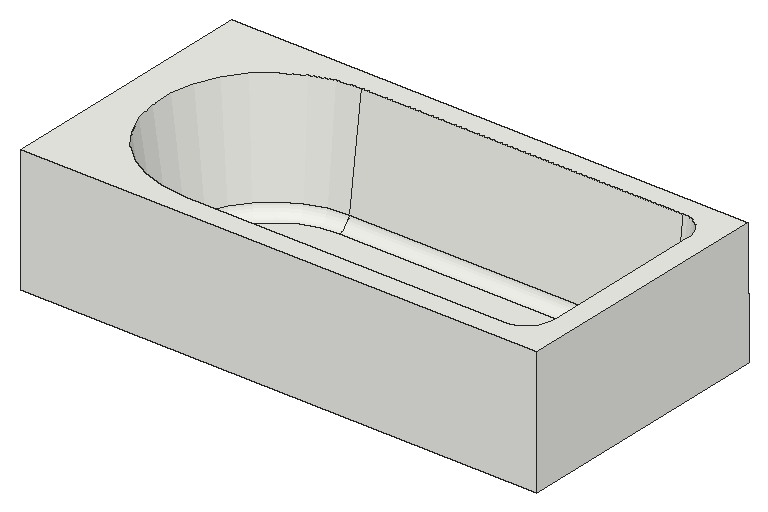
Revit family
Parameters (values of type "1475 x 755mm")
  Width = 755 mm
  Tub Material = Porcelain
  Manufacturer = "Revit"
  Length = 1475 mm
  Assembly Code = "D2010510"
Types (4, lengths in mm): name | Width | Length | Assembly Code
  (no name) | 755 | 1475 | "D2010510"
  1675 x 915 mm | 915 | 1675 | ""
  1475 x 755mm | 755 | 1475 | "D2010510"
  1575 x 815mm | 815 | 1575 | "D2010510"
Reference planes
  plane 1 "Center (Front/Back)": y = 0
  plane 2: z = 0
  plane 3 "Center (Left/Right)": x = 0
  plane 4: x = -737.5
  plane 5: x = 737.5
  plane 6: y = 377.5
  plane 7: y = -377.5
Forms (mm)
  Extrusion 1, solid, material "Porcelain"
    sketch origin (0, 0, -340) x (1, 0, 0) y (0, 1, 0)
      loop
        line (-737.5, 377.5) -> (-737.5, -377.5) -> (737.5, -377.5) -> (737.5, 377.5) -> (-737.5, 377.5)
      loop
        line (597.5, 317.5) -> (-320, 317.5)
        arc (-320, 317.5) -> (-637.5, 0) -> (-320, -317.5) r 317.5
        line (-320, -317.5) -> (597.5, -317.5)
        arc (597.5, -317.5) -> (654.069, -294.069) -> (677.5, -237.5) r 80
        line (677.5, -237.5) -> (677.5, 237.5)
        arc (677.5, 237.5) -> (654.069, 294.069) -> (597.5, 317.5) r 80
    from 340 to 700
  Extrusion 2, solid, material "Porcelain"
    sketch origin (0, 0, -340) x (1, 0, 0) y (0, 1, 0)
      loop
        line (-737.5, 377.5) -> (-737.5, -377.5) -> (737.5, -377.5) -> (737.5, 377.5) -> (-737.5, 377.5)
    from 340 to 360
  Sweep 3, solid, material "Porcelain"
    path origin (0, 0, 0) x (1, 0, 0) y (0, 1, 0)
      loop
        line (597.5, 317.5) -> (-320, 317.5)
        arc (-320, 317.5) -> (-637.5, 0) -> (-320, -317.5) r 317.5
        line (-320, -317.5) -> (597.5, -317.5)
        arc (597.5, -317.5) -> (654.069, -294.069) -> (677.5, -237.5) r 80
        line (677.5, -237.5) -> (677.5, 237.5)
        arc (677.5, 237.5) -> (654.069, 294.069) -> (597.5, 317.5) r 80
    profile origin (138.75, 0, 0) x (0, -1, 0) y (0, 0, 1)
      loop
        line (-317.5, 20) -> (-239.626, 20)
        arc (-239.626, 20) -> (-262.748, 30.453) -> (-274.356, 53.017) r 38.532
        line (-274.356, 53.017) -> (-317.5, 360) -> (-317.5, 20)
  Extrusion 4, void
    sketch origin (0, 0, 0) x (1, 0, 0) y (0, 1, 0)
      loop
        circle (501.834, 0) r 30
    from 0 to 100
Cuts and joins
  Extrusion 4 cuts Extrusion 1
  Extrusion 4 cuts Extrusion 2
  Extrusion 4 cuts Sweep 3
  joined: Extrusion 1, Extrusion 2, Sweep 3
Lines and regions (mm)
  symbolic lines
    curve 1: line (-737.5, 377.5, 0) -> (737.5, 377.5, 0)
    curve 2: line (-737.5, -377.5, 0) -> (-737.5, 377.5, 0)
    curve 3: line (737.5, -377.5, 0) -> (-737.5, -377.5, 0)
    curve 4: line (737.5, 377.5, 0) -> (737.5, -377.5, 0)
    curve 5: line (597.5, 317.5, 0) -> (-320, 317.5, 0)
    curve 6: line (597.5, -317.5, 0) -> (-320, -317.5, 0)
    curve 7: line (677.5, 237.5, 0) -> (677.5, -237.5, 0)
    curve 8: arc (482.322, 22.788, 0) -> (521.309, -22.819, 0) -> (482.394, 22.849, 0) r 30
    curve 9: arc (-320, 317.5, 0) -> (-637.5, 0, 0) -> (-320, -317.5, 0) r 317.5
    curve 10: arc (597.5, 317.5, 0) -> (654.069, 294.069, 0) -> (677.5, 237.5, 0) r 80
    curve 11: arc (677.5, -237.5, 0) -> (654.069, -294.069, 0) -> (597.5, -317.5, 0) r 80
  model lines
    curve 12: line (737.5, 377.5, 0) -> (-737.5, 377.5, 0)
Dimensions and locks
  equal spacing: plane 4, plane 3 "Center (Left/Right)", plane 5
  "Length": plane 4 to plane 5
  equal spacing: plane 7, plane 1 "Center (Front/Back)", plane 6
  "Width": plane 7 to plane 6
  locked: curve 5 to curve 1 at 60
  locked: curve 6 to curve 3 at 60
  locked: curve 2 to curve 9 at 100
  locked: cut or joined group of Extrusion 1, Extrusion 2, Sweep 3, Extrusion 4 to Extrusion 1 sketch curve at 100
  aligned and locked: Extrusion 2 to level
  aligned and locked: Extrusion 1 to level
  aligned and locked: plane 4 to Extrusion 1
  aligned and locked: Sweep 3 sketch curve to curve 9
  aligned and locked: Sweep 3 sketch curve to curve 11
  aligned and locked: Sweep 3 sketch curve to curve 10
  aligned and locked: Extrusion 4 sketch curve to curve 8
Automatic sketch dimensions
  Extrusion 1 sketch curve to plane 4 = 0 mm
  Extrusion 1 sketch curve to plane 5 = 0 mm
  Extrusion 1 sketch curve to plane 7 = 0 mm
  Extrusion 1 sketch curve to plane 6 = 0 mm
  Extrusion 2 sketch curve to plane 4 = 0 mm
  Extrusion 2 sketch curve to plane 5 = 0 mm
  Extrusion 2 sketch curve to plane 7 = 0 mm
  Extrusion 2 sketch curve to plane 6 = 0 mm
  curve 3 to plane 4 = 0 mm
  curve 9 to plane 1 "Center (Front/Back)" = 0 mm
  curve 8 to plane 1 "Center (Front/Back)" = 0 mm
  curve 1 to plane 5 = 0 mm
  curve 4 to plane 7 = 0 mm
  curve 8 to plane 5 = 235.666 mm
  curve 6 to plane 5 = 140 mm
  curve 5 to plane 5 = 140 mm
  curve 10 to plane 5 = 60 mm
  Extrusion 1 sketch curve to plane 1 "Center (Front/Back)" = 0 mm
  plane 6 to Extrusion 1 sketch curve = 60 mm
  Extrusion 1 sketch curve to plane 5 = 140 mm
  Extrusion 1 sketch curve to plane 5 = 60 mm
  Extrusion 1 sketch curve to Extrusion 1 sketch curve = 80 mm
  Sweep 3 sketch curve to profile plane = 0 mm
  Sweep 3 sketch curve to profile plane = 43.144 mm
  level to Sweep 3 sketch curve = 20 mm
  Sweep 3 sketch curve to Sweep 3 sketch curve = 34.731 mm
  Sweep 3 sketch curve to Sweep 3 sketch curve = 38.157 mm
  Sweep 3 sketch curve to Sweep 3 sketch curve = 33.017 mm
  Sweep 3 sketch curve to Sweep 3 sketch curve = 306.983 mm
  radius of curve 8 = 30 mm
